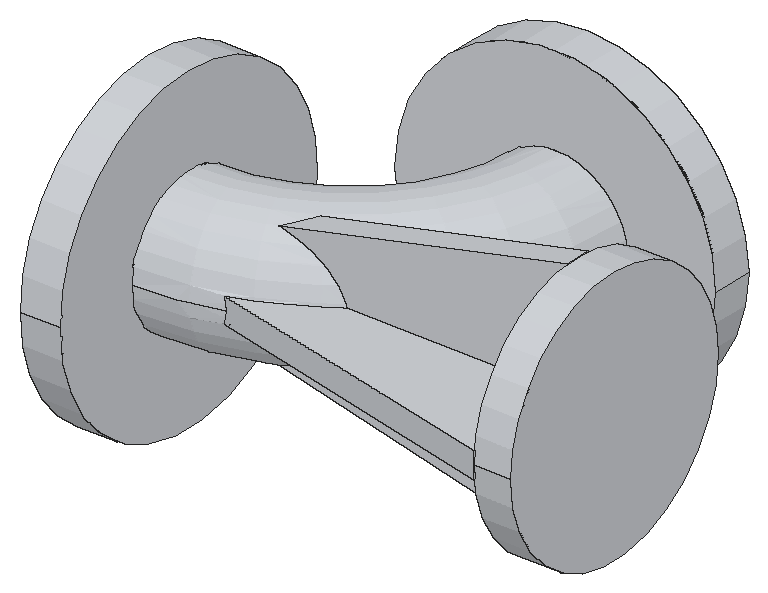
Revit family "M_Base redonda de cotovelo - Flange - GI - Classe 250", category Conexões de tubo, Revit 2019
Family settings
  Cota do conector redondo = Usar raio
  Tipo de parte = Cotovelo
  Número OmniClass = 23.60.30.11.14
  Título OmniClass = Pipework Fittings
  ID de item do Seek = Elbow Round Base - Flanged - GI - Class 250-0000-CAN-ENU
  Com base no plano de trabalho = Não
  Sempre na vertical = Sim
  Corte com vazios quando carregada = Não
  Compartilhado = Não
Parameters (values of type "Padrão")
  Espessura da parede [instance] = size_lookup(Nome da tabela de pesquisa, "WThk", 0.06 * Diâmetro nominal + 9.624 mm, Diâmetro nominal)  # 11.1 mm
  Método de perda = Coeficiente K da tabela
  Nome da tabela de pesquisa = "M_Elbow Round Base - Flanged - GI - Class 250"
  Comprimento 7 [instance] = Centro à base + Centro à face - Comprimento 4 - Espessura do flange  # 168.245 mm
  Comprimento 6 [instance] = Centro à face * sin(Ângulo)  # 127 mm
  Comprimento 5 [instance] = Centro à face + Centro à face * cos(Ângulo)  # 127 mm
  Tamanho da marca de revisão [instance] = Diâmetro da flange * 0.4  # 66 mm
  Raio da base redonda [instance] = Diâmetro da base redonda * 0.5  # 66.5 mm
  Diâmetro da base redonda [instance] = size_lookup(Nome da tabela de pesquisa, "RBD", 0.57 * Diâmetro nominal + 112.415 mm, Diâmetro nominal)  # 133 mm
  Espessura das nervuras [instance] = size_lookup(Nome da tabela de pesquisa, "RThk", 0.04 * Diâmetro nominal + 12.898 mm, Diâmetro nominal)  # 13 mm
  Espessura da face elevada [instance] = 1.587 mm  # constant formula
  Raio da face elevada [instance] = Diâmetro da face elevada / 2  # 53 mm
  Diâmetro da face elevada [instance] = size_lookup(Nome da tabela de pesquisa, "RFD", 1.2 * Diâmetro nominal + 50.899 mm, Diâmetro nominal)  # 106 mm
  Comprimento 4 [instance] = sqrt(2 * Espessura das nervuras * Raio do centro - Espessura das nervuras * Espessura das nervuras)  # 50.555 mm
  Comprimento 3 [instance] = if(Raio da base redonda * 0.3 < Raio externo da conexão * 0.8, Raio da base redonda * 0.3, Raio externo da conexão * 0.8)  # 19.95 mm
  Comprimento 2 [instance] = Espessura do flange - Espessura da face elevada  # 20.613 mm
  Tabela de coeficiente K = "Cotovelo regular 45, 90 e 180"
  Raio externo da conexão [instance] = Diâmetro externo da conexão / 2  # 36.6 mm
  Diâmetro externo da conexão [instance] = Diâmetro interno da conexão + Espessura da parede * 2  # 73.2 mm
  Comprimento 1 [instance] = (Raio externo da conexão + 0.794 mm) * tan(Ângulo / 2) + Espessura do flange  # 59.594 mm
  Raio nominal [instance] = 25 mm
  Diâmetro nominal [instance] = Raio nominal * 2  # 50 mm
  Diâmetro interno da conexão [instance] = size_lookup(Nome da tabela de pesquisa, "FID", 0.97 * Diâmetro nominal + 2.58 mm, Diâmetro nominal)  # 51 mm
  Centro à face 1 [instance] = size_lookup(Nome da tabela de pesquisa, "CtF1", 0.82 * Diâmetro nominal + 88.702 mm, Diâmetro nominal)  # 127 mm
  Centro à face 2 [instance] = size_lookup(Nome da tabela de pesquisa, "CtF2", 0.43 * Diâmetro nominal + 61.119 mm, Diâmetro nominal)  # 76 mm
  Centro à face [instance] = if(and(Ângulo > 0.00°, (not(Ângulo > 45.00°))), if(Centro à face 2 > Raio externo da conexão * tan(Ângulo / 2) + Espessura do flange, Centro à face 2, Comprimento 1), if(Centro à face 1 > Raio externo da conexão * tan(Ângulo / 2) + Espessura do flange, Centro à face 1, Comprimento 1))  # 127 mm
  Centro à base [instance] = size_lookup(Nome da tabela de pesquisa, "CtB", 0.75 * Diâmetro nominal + 75.902 mm, Diâmetro nominal)  # 114 mm
  Raio do centro [instance] = (Centro à face - Espessura do flange) / tan(Ângulo / 2)  # 104.8 mm
  Espessura do flange [instance] = size_lookup(Nome da tabela de pesquisa, "FThk", 0.08 * Diâmetro nominal + 21.53 mm, Diâmetro nominal)  # 22.2 mm
  Raio da flange [instance] = Diâmetro da flange / 2  # 82.5 mm
  Diâmetro da flange [instance] = size_lookup(Nome da tabela de pesquisa, "FDia", 1.34 * Diâmetro nominal + 106.362 mm, Diâmetro nominal)  # 165 mm
  Espessura base [instance] = size_lookup(Nome da tabela de pesquisa, "BThk", 0.052 * Diâmetro nominal + 17.661 mm, Diâmetro nominal)  # 19 mm
  Assembly Code = ""
  Ângulo [instance] = 90.00°
Reference planes
  plane 1 "Centro (Frente/Trás)": y = 0
  plane 2: z = 0
  plane 3 "Centro (Esquerda/Direita)": x = 0
  plane 4: x = -104.8
  plane 5: x = -127
  plane 6: y = 104.8
  plane 7: y = 66
  plane 8: y = -66
  plane 9: x = -104.8
  plane 10: x = -125.412
  plane 11: x = 95
  plane 12: x = 114
  plane 13: z = 6.5
  plane 14: z = -6.5
  plane 15: y = -6.5
  plane 16: y = 6.5
  plane 17: y = 13
  plane 18: y = 127
  plane 19: x = 0
Forms (mm)
  Sweep 1, solid, detail levels fine
    path in 3D
      loop
        arc (-104.8, 0, 0) -> (-30.695, 30.695, 0) -> (0, 104.8, 0) r 104.8
    profile origin (-30.695, 30.695, 0) x (-0.707107, 0.707107, 0) y (0, 0, 1)
      loop
        circle (0, 0) r 36.6
  Sweep 2, solid, detail levels fine
    path in 3D
      loop
        line (-125.412, 0, 0) -> (-104.8, 0, 0)
    profile origin (-115.106, 0, 0) x (0, 1, 0) y (0, 0, 1)
      loop
        circle (0, 0) r 82.5
  Sweep 3, solid, detail levels fine
    path in 3D
      loop
        line (0, 104.8, 0) -> (0, 125.412, 0)
    profile origin (0, 115.106, 0) x (-1, 0, 0) y (0, 0, 1)
      loop
        circle (0, 0) r 82.5
  Sweep 4, solid, detail levels fine
    path in 3D
      loop
        line (-127, 0, 0) -> (-125.412, 0, 0)
    profile origin (-126.206, 0, 0) x (0, 1, 0) y (0, 0, 1)
      loop
        circle (0, 0) r 53
  Extrusion 5, solid, detail levels fine
    sketch origin (0, 0, 0) x (0, 1, 0) y (0, 0, 1)
      loop
        circle (0, 0) r 66.5
    from 95 to 114
  Extrusion 6, solid, detail levels fine
    sketch origin (0, 0, 0) x (1, 0, 0) y (0, 1, 0)
      loop
        line (-104.8, 19.95) -> (-104.8, -19.95) -> (95, -66.5) -> (95, 66.5) -> (-104.8, 19.95)
    from -6.5 to 6.5
  Extrusion 7, solid, detail levels fine
    sketch origin (0, 0, 0) x (1, 0, 0) y (0, 0, 1)
      loop
        line (-104.8, 19.95) -> (-104.8, -19.95) -> (95, -66.5) -> (95, 66.5) -> (-104.8, 19.95)
    from -6.5 to 6.5
  Sweep 8, solid, detail levels fine
    path in 3D
      loop
        line (0, 127, 0) -> (0, 125.412, 0)
    profile origin (0, 126.206, 0) x (1, 0, 0) y (0, 0, 1)
      loop
        circle (0, 0) r 53
Cuts and joins
  joined: Sweep 1, Sweep 2, Sweep 3, Sweep 4, Extrusion 5, Extrusion 6, Extrusion 7, Sweep 8
Lines and regions (mm)
  model lines, detail levels coarse+medium
    curve 1: line (-125.412, 0, 0) -> (-104.8, 0, 0)
    curve 2: arc (-104.8, 0, 0) -> (-30.695, 30.695, 0) -> (0, 104.8, 0) r 104.8
    curve 3: line (0, 104.8, 0) -> (0, 125.412, 0)
    curve 8: line (-127, 0, 0) -> (-127, 66, 0)
    curve 9: line (-127, 0, 0) -> (-127, -66, 0)
    curve 10: line (-127, 0, 0) -> (-125.412, 0, 0)
    curve 12: line (-104.8, 0, 0) -> (114, 0, 0)
    curve 14: line (0, 127, 0) -> (-66, 127, 0)
    curve 15: line (0, 127, 0) -> (66, 127, 0)
    curve 16: line (0, 127, 0) -> (0, 125.412, 0)
    curve 18: line (-54.245, 13, 0) -> (114, 13, 0)
  sketch lines
    curve 4: arc (-104.8, 0, 0) -> (-30.695, 30.695, 0) -> (0, 104.8, 0) r 104.8
    curve 5: line (-125.412, 0, 0) -> (-104.8, 0, 0)
    curve 6: line (0, 104.8, 0) -> (0, 125.412, 0)
    curve 11: line (-127, 0, 0) -> (-125.412, 0, 0)
    curve 17: line (0, 127, 0) -> (0, 125.412, 0)
  reference lines
    curve 7: line (-127, 0, 0) -> (-104.8, 0, 0)
    curve 13: line (0, 127, 0) -> (0, 104.8, 0)
Dimensions and locks
  "Raio do centro": plane 6 to plane 1 "Centro (Frente/Trás)"
  "Espessura do flange": plane 5 to plane 4
  "Tamanho da marca de revisão": plane 7 to plane 1 "Centro (Frente/Trás)"
  "Tamanho da marca de revisão": plane 8 to plane 1 "Centro (Frente/Trás)"
  "Comprimento 2": curve 3 to curve 3
  locked: plane 5 to plane 9 at 22.2
  "Centro à face": plane 5 to plane 3 "Centro (Esquerda/Direita)"
  "Espessura da face elevada": plane 5 to plane 10
  "Centro à base": plane 3 "Centro (Esquerda/Direita)" to plane 12
  "Espessura base": plane 11 to plane 12
  equal spacing: Extrusion 6 sketch curve, plane 1 "Centro (Frente/Trás)", Extrusion 6 sketch curve  (x2)
  "Diâmetro da base redonda": Extrusion 6 sketch curve to Extrusion 6 sketch curve
  equal spacing: plane 13, plane 2, plane 14
  "Espessura das nervuras": plane 13 to plane 14
  equal spacing: Extrusion 7 sketch curve, plane 2, Extrusion 7 sketch curve  (x2)
  "Comprimento 3": Extrusion 7 sketch curve to plane 2
  "Diâmetro da base redonda": Extrusion 7 sketch curve to Extrusion 7 sketch curve
  "Comprimento 3": plane 1 "Centro (Frente/Trás)" to Extrusion 6 sketch curve
  equal spacing: plane 15, plane 1 "Centro (Frente/Trás)", plane 16
  "Espessura das nervuras": plane 15 to plane 16
  "Espessura das nervuras": plane 17 to plane 1 "Centro (Frente/Trás)"
  "Comprimento 6": plane 18 to plane 1 "Centro (Frente/Trás)"
  "Comprimento 5": plane 5 to plane 19
  locked: curve 13 to curve 13 at 22.2
  "Tamanho da marca de revisão": curve 14 to curve 14
  "Tamanho da marca de revisão": curve 15 to curve 15
  "Espessura da face elevada": curve 16 to curve 16
  "Comprimento 7": curve 18 to curve 18
  "Raio do centro": radius of curve 2
  "Raio externo da conexão": radius of Sweep 1 sketch curve
  "Raio da flange": radius of Sweep 2 sketch curve
  "Raio da flange": radius of Sweep 3 sketch curve
  "Raio da face elevada": radius of Sweep 4 sketch curve
  "Raio da base redonda": radius of Extrusion 5 sketch curve
  "Raio da face elevada": radius of Sweep 8 sketch curve
  "Ângulo": angle curve 2 to curve 2
  "Ângulo": angle plane 1 "Centro (Frente/Trás)" to curve 3
  "Ângulo": angle plane 1 "Centro (Frente/Trás)" to curve 13
  "Ângulo": angle plane 3 "Centro (Esquerda/Direita)" to curve 14
  "Ângulo": angle plane 3 "Centro (Esquerda/Direita)" to curve 15
  "Ângulo": angle plane 1 "Centro (Frente/Trás)" to curve 16
  aligned and locked: plane 4 to curve 2
  aligned and locked: plane 5 to curve 7
  aligned and locked: plane 9 to curve 7
  aligned and locked: plane 1 "Centro (Frente/Trás)" to curve 7
  aligned and locked: plane 7 to curve 8
  aligned and locked: plane 1 "Centro (Frente/Trás)" to curve 9
  aligned and locked: plane 8 to curve 9
  aligned and locked: plane 10 to curve 1
  aligned and locked: plane 5 to curve 10
  aligned and locked: plane 2 to Extrusion 5 sketch curve
  aligned and locked: plane 1 "Centro (Frente/Trás)" to Extrusion 5 sketch curve
  aligned and locked: Extrusion 5 to plane 11
  aligned and locked: plane 12 to Extrusion 5
  aligned and locked: plane 11 to Extrusion 6 sketch curve
  aligned and locked: Extrusion 6 sketch curve to plane 4
  aligned and locked: Extrusion 6 to plane 14
  aligned and locked: plane 13 to Extrusion 6
  aligned and locked: Extrusion 7 sketch curve to plane 4
  aligned and locked: plane 11 to Extrusion 7 sketch curve
  aligned and locked: Extrusion 7 to plane 15
  aligned and locked: plane 16 to Extrusion 7
  aligned and locked: plane 4 to curve 12
  aligned and locked: plane 12 to curve 12
  aligned and locked: plane 1 "Centro (Frente/Trás)" to curve 12
  aligned and locked: plane 19 to curve 13
  aligned and locked: plane 18 to curve 13
  aligned and locked: curve 18 to plane 17
Automatic sketch dimensions
  Sweep 1 sketch curve to profile plane = 0 mm  (x2)
  Sweep 2 sketch curve to profile plane = 0 mm  (x2)
  Sweep 3 sketch curve to profile plane = 0 mm  (x2)
  Sweep 4 sketch curve to profile plane = 0 mm  (x2)
  Sweep 8 sketch curve to profile plane = 0 mm  (x2)
Connectors
  piping at (-127, 0, 0), diameter 50, driven by "Raio nominal", driven by "Ângulo"
    settings: on cut or joined group of Sweep 1, Sweep 2, Sweep 3, Sweep 4, Extrusion 5, Extrusion 6, Extrusion 7, Sweep 8, index 1, connector inside diameter 50 mm, connector length 0 mm, flow factor 0, pipe flow 0.0 L/s, pressure drop 0.0 Pa, fitting loss kfactor 0, connector angle 90.00°, fixture units 0, engagement length 0 mm, angle of deflection 0.00°, flow configuration 0, flow direction 0, fitting loss method 0, system type 28, joint type 0, gender type 0, connector reference index 2, connector utility 0, adjustable connector no, is connector primary yes, connector description ""
  piping at (0, 127, 0), diameter 50, driven by "Raio nominal", driven by "Ângulo"
    settings: on cut or joined group of Sweep 1, Sweep 2, Sweep 3, Sweep 4, Extrusion 5, Extrusion 6, Extrusion 7, Sweep 8, index 2, connector inside diameter 50 mm, connector length 0 mm, flow factor 0, pipe flow 0.0 L/s, pressure drop 0.0 Pa, fitting loss kfactor 0, connector angle 90.00°, fixture units 0, engagement length 0 mm, angle of deflection 0.00°, flow configuration 0, flow direction 0, fitting loss method 0, system type 28, joint type 0, gender type 0, connector reference index 1, connector utility 0, adjustable connector no, is connector primary no, connector description ""
